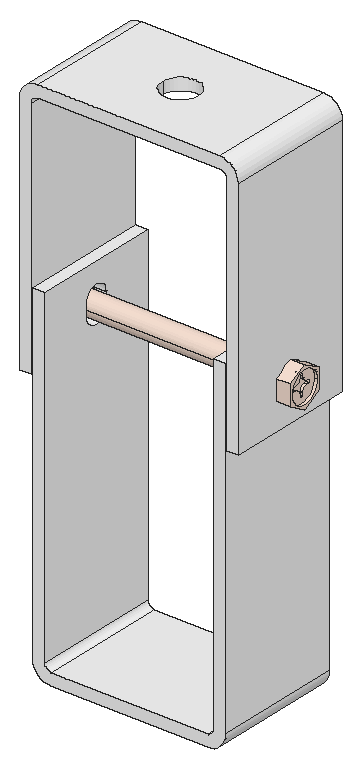
Revit family "75×45×15ボックスハンガー", category 機械設備, Revit 2020
Family settings
  丸型コネクタ寸法 = 直径を使用
  種別 = なし
  パーツ タイプ = 標準
  作業面ベース = いいえ
  常に垂直 = はい
  ロード時にボイドで切り取り = いいえ
  共有 = いいえ
  部屋計算ポイント = いいえ
Parameters
  製造元 = "株式会社桐井製作所"
  既定の高さ = 0 mm
  URL = "https://www.kirii.co.jp/"
  K_角度 [instance] = 90.00°
  K_材質 = "SGHC　一般用"
  K_品名 = "75×45×15ボックスハンガー"
  K_名称 = "その他ハンガー"
  K_入数 = "50"
  K_バージョン情報 = "20211012"
  K_めっき付着量 = "Z12"
  K_JIS規格 = "JIS G 3302"
Reference planes
  plane 1 "中心(正面/背面)": y = 0
  plane 2: z = 0
  plane 3 "中心(左/右)": x = 0
Dimensions and locks
  "K_角度": angle nested 1 to plane 2
  aligned and locked: level to plane 2
Nested families
  nested 1: "75BOXハンガー下部金具" at (0, 0, 0), type "75BOXハンガー下部金具"
  nested 2: "75BOXハンガー上部金具" at (0, 0, 0), type "75BOXハンガー上部金具"
Definition of nested family "75BOXハンガー下部金具"
  Parameters (values of type "75BOXハンガー下部金具")
    Manufacturer = "株式会社桐井製作所"
    Default Elevation = 0 mm
    URL = "https://www.kirii.co.jp/"
    K_名称 = "75ボックスハンガー下部金具"
    K_バージョン情報 = "20211012"
  Reference planes
    plane 1 "中心(正面/背面)": y = 0
    plane 2: z = 0
    plane 3 "中心(左/右)": x = 0
  Forms (mm)
    Extrusion 1, solid
      sketch origin (0, 0, 10.261) x (1, 0, 0) y (0, 0, 1)
        loop
          line (-26.2, 0.239) -> (-26.2, -89.761)
          arc (-26.2, -89.761) -> (-24.736, -93.297) -> (-21.2, -94.761) r 5
          line (-21.2, -94.761) -> (21.2, -94.761)
          arc (21.2, -94.761) -> (24.736, -93.297) -> (26.2, -89.761) r 5
          line (26.2, -89.761) -> (26.2, 0.239) -> (23, 0.239) -> (23, -89.761)
          arc (23, -89.761) -> (22.473, -91.034) -> (21.2, -91.561) r 1.8
          line (21.2, -91.561) -> (-21.2, -91.561)
          arc (-21.2, -91.561) -> (-22.473, -91.034) -> (-23, -89.761) r 1.8
          line (-23, -89.761) -> (-23, 0.239) -> (-26.2, 0.239)
      from -17.5 to 17.5
    Extrusion 2, void
      sketch origin (0, 0, 0) x (0, 1, 0) y (0, 0, 1)
        loop
          arc (3.5, 1.5) -> (0, 5) -> (-3.5, 1.5) r 3.5
          line (-3.5, 1.5) -> (-3.5, -1.5)
          arc (-3.5, -1.5) -> (0, -5) -> (3.5, -1.5) r 3.5
          line (3.5, -1.5) -> (3.5, 1.5)
      from 23 to 26.2
    Extrusion 3, void
      sketch origin (-34.2, 0, 0) x (0, 1, 0) y (0, 0, 1)
        loop
          arc (3.5, 1.5) -> (0, 5) -> (-3.5, 1.5) r 3.5
          line (-3.5, 1.5) -> (-3.5, -1.5)
          arc (-3.5, -1.5) -> (0, -5) -> (3.5, -1.5) r 3.5
          line (3.5, -1.5) -> (3.5, 1.5)
      from 8 to 11.2
  Cuts and joins
    Extrusion 2, Extrusion 3 cuts Extrusion 1
  Dimensions and locks
    aligned and locked: level to plane 2
  Nested families
    nested 1: "M6ナット" at (-33.7, 0.011, 0) x (0, 1, 0) z (0, 0, 1), type "M6ナット"
    nested 2: "M6×70ボルト" at (29.7, 0.011, 0) x (0, 1, 0) z (0, 0, 1), type "M6×70ボルト"
  Definition of nested family "M6ナット"
    Parameters (values of type "M6ナット")
      Manufacturer = "株式会社桐井製作所"
      Default Elevation = 0 mm
      URL = "https://www.kirii.co.jp/"
      K_名称 = "M6ナット"
    Reference planes
      plane 1 "中心(正面/背面)": y = 0
      plane 2: z = 0
      plane 3 "中心(左/右)": x = 0
      plane 4 "正面": y = -4
    Forms (mm)
      Extrusion 1, solid
        sketch origin (0, 0, 0) x (1, 0, 0) y (0, 0, 1)
          loop
            line (-4.763, -2.946) -> (0, -5.696) -> (4.763, -2.946) -> (4.763, 2.554) -> (0, 5.304) -> (-4.763, 2.554) -> (-4.763, -2.946)
        from 0 to 4
      Extrusion 2, void
        sketch origin (0, 0, 0) x (1, 0, 0) y (0, 0, 1)
          loop
            circle (-0.011, -0.2) r 3
        from 0 to 4
    Cuts and joins
      Extrusion 2 cuts Extrusion 1
    Dimensions and locks
      aligned and locked: level to plane 2
  Definition of nested family "M6×70ボルト"
    Parameters (values of type "M6×70ボルト")
      Manufacturer = "株式会社桐井製作所"
      Default Elevation = 0 mm
      URL = "https://www.kirii.co.jp/"
      K_名称 = "M6×70ボルト"
    Reference planes
      plane 1 "中心(正面/背面)": y = 0
      plane 2: z = 0
      plane 3 "中心(左/右)": x = 0
      plane 4 "正面": y = -4
    Forms (mm)
      Extrusion 1, solid
        sketch origin (0, 0, 0) x (1, 0, 0) y (0, 0, 1)
          loop
            line (-4.763, -2.946) -> (0, -5.696) -> (4.763, -2.946) -> (4.763, 2.554) -> (0, 5.304) -> (-4.763, 2.554) -> (-4.763, -2.946)
        from 0 to 4
      Extrusion 2, void
        sketch origin (0, -4, 0) x (-1, 0, 0) y (0, 0, 1)
          loop
            circle (0, -0.156) r 4.396
        from 0 to 1
      Extrusion 3, void
        sketch origin (0, -4, 0) x (-1, 0, 0) y (0, 0, 1)
          loop
            arc (-0.6, 1.814) -> (-1.069, 0.856) -> (-2.036, 0.404) r 1.605
            line (-2.036, 0.404) -> (-2.939, 0.404)
            arc (-2.939, 0.404) -> (-3, -0.195) -> (-2.94, -0.795) r 3
            line (-2.94, -0.795) -> (-2.049, -0.795)
            arc (-2.049, -0.795) -> (-1.074, -1.243) -> (-0.6, -2.206) r 1.605
            line (-0.6, -2.206) -> (-0.6, -3.135)
            arc (-0.6, -3.135) -> (0, -3.196) -> (0.6, -3.135) r 3
            line (0.6, -3.135) -> (0.6, -2.206)
            arc (0.6, -2.206) -> (1.074, -1.243) -> (2.049, -0.795) r 1.605
            line (2.049, -0.795) -> (2.94, -0.795)
            arc (2.94, -0.795) -> (3, -0.198) -> (2.941, 0.398) r 3
            line (2.941, 0.398) -> (2.117, 0.398)
            arc (2.117, 0.398) -> (1.098, 0.828) -> (0.6, 1.814) r 1.605
            line (0.6, 1.814) -> (0.6, 2.743)
            arc (0.6, 2.743) -> (0, 2.804) -> (-0.6, 2.743) r 3
            line (-0.6, 2.743) -> (-0.6, 1.814)
        from 0 to 2
      Extrusion 4, solid
        sketch origin (0, 0, 0) x (1, 0, 0) y (0, 0, 1)
          loop
            circle (-0.011, -0.2) r 3
        from 0 to -70
    Cuts and joins
      Extrusion 2, Extrusion 3 cuts Extrusion 1
      joined: Extrusion 1, Extrusion 4
    Dimensions and locks
      aligned and locked: level to plane 2
Definition of nested family "75BOXハンガー上部金具"
  Parameters (values of type "75BOXハンガー上部金具")
    Manufacturer = "株式会社桐井製作所"
    Default Elevation = 0 mm
    URL = "https://www.kirii.co.jp/"
    K_名称 = "75ボックスハンガー上部金具"
    K_バージョン情報 = "20211012"
  Reference planes
    plane 1 "中心(正面/背面)": y = 0
    plane 2: z = 0
    plane 3 "中心(左/右)": x = 0
  Forms (mm)
    Extrusion 1, solid
      sketch origin (0, 0, 0) x (1, 0, 0) y (0, 0, 1)
        loop
          line (-29.7, -10.5) -> (-26.5, -10.5) -> (-26.5, 55.5)
          arc (-26.5, 55.5) -> (-25.973, 56.773) -> (-24.7, 57.3) r 1.8
          line (-24.7, 57.3) -> (24.7, 57.3)
          arc (24.7, 57.3) -> (25.973, 56.773) -> (26.5, 55.5) r 1.8
          line (26.5, 55.5) -> (26.5, -10.5) -> (29.7, -10.5) -> (29.7, 55.5)
          arc (29.7, 55.5) -> (28.236, 59.036) -> (24.7, 60.5) r 5
          line (24.7, 60.5) -> (-24.7, 60.5)
          arc (-24.7, 60.5) -> (-28.236, 59.036) -> (-29.7, 55.5) r 5
          line (-29.7, 55.5) -> (-29.7, -10.5)
      from -17.5 to 17.5
    Extrusion 2, void
      sketch origin (0, 0, 0) x (0, 1, 0) y (0, 0, 1)
        loop
          arc (3.5, 1.5) -> (0, 5) -> (-3.5, 1.5) r 3.5
          line (-3.5, 1.5) -> (-3.5, -1.5)
          arc (-3.5, -1.5) -> (0, -5) -> (3.5, -1.5) r 3.5
          line (3.5, -1.5) -> (3.5, 1.5)
      from 26.5 to 29.7
    Extrusion 3, void
      sketch origin (-41.2, 0, 0) x (0, 1, 0) y (0, 0, 1)
        loop
          arc (3.5, 1.5) -> (0, 5) -> (-3.5, 1.5) r 3.5
          line (-3.5, 1.5) -> (-3.5, -1.5)
          arc (-3.5, -1.5) -> (0, -5) -> (3.5, -1.5) r 3.5
          line (3.5, -1.5) -> (3.5, 1.5)
      from 11.5 to 14.7
    Extrusion 4, void
      sketch origin (0, 0, 0) x (1, 0, 0) y (0, 1, 0)
        loop
          circle (0, 0) r 5
      from 57.3 to 60.5
  Cuts and joins
    Extrusion 2, Extrusion 3, Extrusion 4 cuts Extrusion 1
  Dimensions and locks
    aligned and locked: level to plane 2
